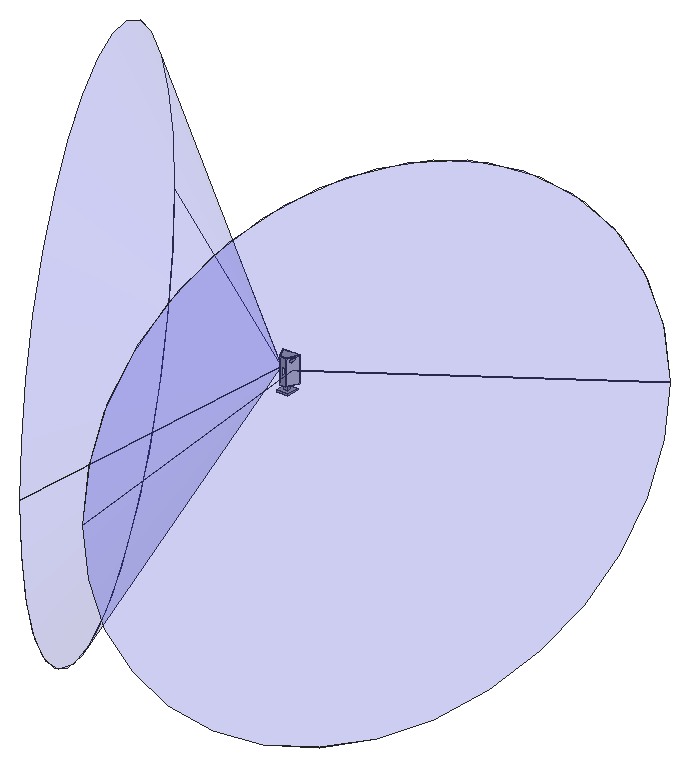
Revit family "Atlas_Sound_IPDSC-DSE", category Communication Devices, Revit 2026
Family settings
  Round Connector Dimension = Use Diameter
  Part Type = Normal
  Work Plane-Based = Yes
  Always vertical = No
  Cut with Voids When Loaded = No
  Maintain Annotation Orientation = No
  Shared = No
  Room Calculation Point = No
Parameters (values of type "IP Dual Sided LED Display with Loudspeakers")
  Width = 9.91"
  Weight Product = 11
  Warranty = "1 Year"
  Wall Bracket [instance] = not(Ceiling Bracket)  # yes
  Voltage AC = "PoE or PoE+ and External 24VDC"
  Viewable Dimensions (HxW) = 10.125
  Vertical Symmetry = yes
  URL = "www.atlassound.com"
  Transformer Option = yes
  Specification by User (default) = "TBD"
  Speaker Type = "S1"
  Speaker Listening Height [instance] = 30.00"
  Speaker Height [instance] = 120.00"
  Speaker Dispersion = 120.00°
  Speaker Cone Visible [instance] = yes
  ScheduleType |RF| = "AtlasIED Master"
  Safety Agency Ratings = "ETL Listed to Comply with UL-60950-1, and CAN/CSA-C22.2 No. 60950-1"
  SPL Max = 93
  Recommended Signal Processing = "Built-In Processing"
  Product Page URL = "https://www.atlasied.com/Product/ProductDetails?productId=3388"
  Product Documentation Link = "https://www.atlasied.com/f/3780/ipdsc-dseplus-data-sheet.pdf"
  Power Rating (RMS) = "15 Watts Max (802.3AT)"
  Pole Length [instance] = 4.21"  # constant formula
  Operation Mode = "Self Powered"
  OmniClass Title = "Audio Visual Intercoms"
  OmniClass Number = "23-37 27 15 13"
  Mounting/Rigging Provisions = "Mounting Plate provided with Various Hole Patterns"
  Mount Material = Default
  Model = "IPDSC-DSE+"
  Max Character Height = 2.125
  MaterFormat Title = "Public Information Systems"
  MasterFormat = "27 42 19"
  Market = "Commercial, Higher Education, Emergency"
  Manufacturer URL = "https://www.atlasied.com"
  Manufacturer Phone = "(800) 876 - 3333"
  Manufacturer Email = "support@atlasied.com"
  Manufacturer Address = "4545 E. Baseline Rd., Phoenix, AZ 85042"
  Manufacturer = "ATLAS SOUND"
  Loudspeaker Level = "8Ω, 9W (802.3AF), 15W (802.3AT)"
  Input Connectors = "One Unbalanced Analog, Secured Screw Terminal Block, G.711, G.722 Capable"
  Ingress Protection = "IP-XX (Not provided)"
  Impedance = 8
  IQ Category = "Audio Visual Intercoms"
  Height = 4.21"
  Grill Material = none
  Family Version [instance] = "2017-01"
  Family Code (default) = "LOUD SPEAKERS"
  Enclosure Material = none
  Description = "POE+ IP COMPLIANT IP DUAL SIDED LED DISPLAY WITH FLASHER: INDOOR DUAL SIDED DISPLAY WITH LED FLASHER"
  Depth = 7.00"
  Default Elevation = 48.00"
  Coverage Vertical = 110.00°
  Coverage Horizontal = 110.00°
  Cost MSRP = 1177.99
  Cost = 1177.99
  Communication Ports = "RJ-45 Female"
  Color = none
  Ceiling Bracket [instance] = no
  Body Material = Default
  Baffle Material = none
  70V Taps = "32.00 W"
  100V Taps = "32.00 W"
Reference planes (in)
  plane 1 "Center (Front/Back)": y = 0
  plane 2: z = 0
  plane 3 "Center (Left/Right)": x = 0
  plane 4: z = 4.21
  plane 5: x = -4.955
  plane 6: x = 4.955
  plane 7: x = 3.455
  plane 8: x = -3.455
  plane 9: y = -7.865
  plane 10: y = -15.73
Lines and regions (in)
  Masking region 1
    outline origin (-1.82508, -15.71144, 48) x (-1, 0, 0) y (0, 0, 1)
      loop
        line (-2.82508, -43.79) -> (-2.82508, -47.07) -> (-0.82508, -47.07) -> (-0.82508, -43.79) -> (-2.82508, -43.79)
  Masking region 2
    outline origin (-1.82508, -15.71144, 48) x (-1, 0, 0) y (0, 0, 1)
      loop
        line (-5.28008, -47.07) -> (-5.28008, -48) -> (1.62992, -48) -> (1.62992, -47.07) -> (-5.28008, -47.07)
Dimensions and locks (in)
  "Width": plane 5 to plane 6
  plane 8 to plane 7 = 6.91"
  equal spacing: plane 10, plane 9, plane 1 "Center (Front/Back)"
  "Pole Length": plane 4 to level
  aligned and locked: plane 2 to level
  aligned and locked: nested 3 to plane 4
  aligned and locked: nested 2 to plane 4
  aligned and locked: nested 1 to level
  aligned and locked: Masking region 1 sketch curve to plane 4
Automatic sketch dimensions
  plane 3 "Center (Left/Right)" to Masking region 1 sketch curve = 1.00"
  Masking region 1 sketch curve to plane 3 "Center (Left/Right)" = 1.00"
  level to Masking region 1 sketch curve = 0.93"
  Masking region 2 sketch curve to level = 0.00"
  Masking region 2 sketch curve to plane 7 = 0.00"
  Masking region 2 sketch curve to plane 8 = 0.00"
  Masking region 2 sketch curve to Masking region 2 sketch curve = 0.93"
Nested families (in)
  nested 1: "POLE1" at (0, -7.865, 4.21) x (-1, 0, 0) z (0, 0, -1), Ceiling Length <- "Pole Length", type "IP Dual Sided LED Display with Flasher 2"
    with Ceiling Length 4.21"
  nested 2: "POLE BODY" at (0, -15.73, 10.62) x (1, 0, 0) z (0, 0, -1), Speaker Listening Height <- "Speaker Listening Height", Speaker Height <- "Speaker Height", Speaker Dispersion <- "Speaker Dispersion", Speaker Cone Visible <- "Speaker Cone Visible", visible <- "Ceiling Bracket", type "POLE BODY"
    with Weight Dimensional/Shipping 0, Speaker Listening Height 30.00", Speaker Height 120.00", Speaker Dispersion 120.00°, Speaker Cone Visible yes, Speaker Cone Height -90.00", Radius of Speaker Cone 155.88457", Flasher Type "TBD", Flasher Lumens "TBD", Family Version "1.0"
  nested 3: "POLE BODY" at (0, -11.07, 4.21) x (1, 0, 0) z (0, 1, 0), Speaker Cone Visible <- "Speaker Cone Visible", visible <- "Wall Bracket", Speaker Listening Height <- "Speaker Listening Height", Speaker Height <- "Speaker Height", Speaker Dispersion <- "Speaker Dispersion", type "POLE BODY"
    with Weight Dimensional/Shipping 0, Speaker Listening Height 30.00", Speaker Height 120.00", Speaker Dispersion 120.00°, Speaker Cone Visible yes, Speaker Cone Height -90.00", Radius of Speaker Cone 155.88457", Flasher Type "TBD", Flasher Lumens "TBD", Family Version "1.0"
  nested 4: "Speaker Annotation" at (-0.07225, -7.98309, 0), Speaker Type <- "Speaker Type", type "Data Annotation"
    with Speaker Type "S1"
Definition of nested family "POLE1"
  Parameters
    Model = "IPDC-DSE+"
    Manufacturer = "ATLAS SOUND"
    Description = "POE+ IP COMPLIANT IP DUAL SIDED LED DISPLAY WITH FLASHER: INDOOR DUAL SIDED DISPLAY WITH LED FLASHER"
    Default Elevation = 48.00"
    Cost = 1015.99
    Ceiling Length [instance] = 4.21"
  Reference planes (in)
    plane 1 "Center (Front/Back)": y = 0
    plane 2: z = 0
    plane 3 "Center (Left/Right)": x = 0
    plane 4: z = 4.21
    plane 5: y = 3.5
    plane 6: y = -3.5
    plane 7: x = 3.455
    plane 8: x = -3.455
    plane 9: y = -1
    plane 10: y = 1
    plane 11: z = 3.28
  Forms (in)
    Extrusion 1, solid
      sketch origin (-0.67926, -2.84135, 4.21) x (0, -1, 0) y (1, 0, 0)
        loop
          line (-6.34135, -2.77574) -> (0.65865, -2.77574) -> (0.65865, 4.13426) -> (-6.34135, 4.13426) -> (-6.34135, -2.77574)
      from 0 to -0.93
    Extrusion 2, solid
      sketch origin (0, 0, 4.21) x (0, -1, 0) y (1, 0, 0)
        loop
          line (-1, 1) -> (-1, -1) -> (1, -1) -> (1, 1) -> (-1, 1)
      from -0.93 to -4.21
  Dimensions and locks (in)
    plane 8 to plane 7 = 6.91"
    plane 6 to plane 5 = 7.00"
    "Ceiling Length": plane 4 to level
    locked: plane 4 to plane 11 at 0.93
    aligned and locked: plane 2 to level
    aligned and locked: plane 11 to Extrusion 2
  Automatic sketch dimensions
    plane 5 to Extrusion 1 sketch curve = 0.00"
    plane 6 to Extrusion 1 sketch curve = 0.00"
    Extrusion 1 sketch curve to plane 8 = 0.00"
    Extrusion 1 sketch curve to plane 7 = 0.00"
    plane 10 to Extrusion 2 sketch curve = 0.00"
    plane 9 to Extrusion 2 sketch curve = 0.00"
    Extrusion 2 sketch curve to plane 3 "Center (Left/Right)" = 1.00"
    plane 3 "Center (Left/Right)" to Extrusion 2 sketch curve = 1.00"
Definition of nested family "POLE BODY"
  Parameters
    Width = 9.91"
    Weight Product = 11
    Weight Dimensional/Shipping [instance] = 0
    Weight Dimensional = 0
    Warranty = "1 Year Warranty"
    Voltage AC = "PoE or PoE+ and External 24VDC"
    Viewable Dimensions (HxW) = 10.125
    Vertical Symmetry = yes
    Transformer Option = yes
    Sustainability Rating = "TBD"
    Specification by User (default) = "TBD"
    Specification by Manufacturer = "TBD"
    Speaker Type = ""
    Speaker Listening Height [instance] = 30.00"
    Speaker Height [instance] = 120.00"
    Speaker Dispersion [instance] = 120.00°
    Speaker Data Link = "TBD"
    Speaker Cone Visible [instance] = no
    Speaker Cone Height [instance] = -(Speaker Height - Speaker Listening Height)  # -90.00"
    Shipping Dimensions = "10.6\" (269mm) x 25.4\" (645mm) x 12.8\" (325mm)"
    Serial Number = "TBD"
    Seismic Rating = "TBD"
    ScheduleType |RF| = "AtlasIED Master"
    Safety Features = "TBD"
    Safety Agency Ratings = "ETL Listed to Comply with UL-60950-1, and CAN/CSA-C22.2 No. 60950-1"
    SPL Max = 93
    Regulatory Compliance = "TBD"
    Recommended Signal Processing = "Built-In Processing"
    Radius of Speaker Cone [instance] = (-Speaker Cone Height) * tan(Speaker Dispersion / 2)  # 155.88457"
    Product Page URL = "https://www.atlasied.com/Product/ProductDetails?productId=3509"
    Product Documentation Link = "https://www.atlasied.com/f/3779/ipdc-dseplus-data-sheet.pdf"
    Power Rating (RMS) = "15 Watts Max (802.3AT)"
    Part Number = "IPDC-DSE+"
    Outdoor/Weather Rating = "TBD"
    Operation Mode = "Self Powered"
    OmniClass Title = "Audio Visual Intercoms"
    OmniClass Number = "23-37 27 15 13"
    Number of Bands = 0
    Mounting/Rigging Provisions = "Mounting Plate provided with Various Hole Patterns"
    Mount Material = none
    Model = "IPDC-DSE+"
    Max Input Ratings (8Ω) = "TBD"
    Max Character Height = 2.125
    MaterFormat Title = "Public Information Systems"
    MasterFormat = "27 42 19"
    Market = "Commercial, Higher Education, Emergency"
    Manufacturer URL = "WWW.ATLASIED.COM"
    Manufacturer Phone = "(800) 876 - 3333"
    Manufacturer Email = "support@atlasied.com"
    Manufacturer Address = "4545 E. Baseline Rd., Phoenix, AZ 85042"
    Manufacturer = "ATLAS SOUND"
    Loudspeaker Level = "8Ω, 9W (802.3AF), 15W (802.3AT)"
    Input Connectors = "One Unbalanced Analog, Secured Screw Terminal Block, G.711, G.722 Capable"
    Ingress Protection = "IP-XX (Not provided)"
    Impedance = 8
    IQ Category = "Audio Visual Intercoms"
    Horizontal Symmetry = yes
    Height = 19.94"
    Grill Material = none
    Flasher Type [instance] = "TBD"
    Flasher Lumens Rating = "TBD"
    Flasher Lumens [instance] = "TBD"
    Family Version [instance] = "1.0"
    Family Code (default) = "ITS Inc."
    Environmental Testing = "TBD"
    Enclosure Material = none
    Dispersion Angle = 0.00°
    Description = "POE+ IP COMPLIANT IP DUAL SIDED LED DISPLAY WITH FLASHER: INDOOR DUAL SIDED DISPLAY WITH LED FLASHER"
    Depth = 7.00"
    Default Elevation = 48.00"
    Current Draw = 0
    Coverage Vertical = 110.00°
    Coverage Horizontal = 110.00°
    Coverage = "TBD"
    Cost MSRP = 1015.99
    Cost = 1015.99
    Controls = "TBD"
    Communication Ports = "RJ-45 Female"
    Communication Formats = "TBD"
    Color = none
    Body Material = none
    Baffle Material = none
    Azimuth = 0.00°
    70V Taps = "32.00 W"
    25V Taps = "0.00 W"
    100V Taps = "32.00 W"
  Reference planes (in)
    plane 1 "Center (Front/Back)": y = 0
    plane 2: z = 0
    plane 3 "Center (Left/Right)": x = 0
    plane 4: z = 19.94
    plane 5: x = -4.955
    plane 6: x = 4.955
    plane 7: x = 3.455
    plane 8: x = -3.455
    plane 9: z = 4.21
    plane 10: y = -15.73
    plane 11: z = 6.41
    plane 12: y = -7.80664
  Forms (in)
    Extrusion 1, solid, material <- "Body Material"
      sketch origin (0, 0, 3.27) x (1, 0, 0) y (0, 0, 1)
        loop
          line (4.955, 3.14) -> (-4.955, 3.14) -> (-1.96597, -3.27) -> (1.96597, -3.27) -> (4.955, 3.14)
      from 0 to 15.5
    Extrusion 2, solid, material <- "Body Material"
      sketch origin (0, -15.5, 3.27) x (1, 0, 0) y (0, 0, 1)
        loop
          line (1.96597, -3.27) -> (4.955, 3.14) -> (2.03062, 3.14) -> (2.03062, 3.00702) -> (-2.03062, 3.00702) -> (-2.03062, 3.14) -> (-4.955, 3.14) -> (-1.96597, -3.27) -> (1.96597, -3.27)
      from 0 to 0.23
    Extrusion 3, solid
      sketch origin (4.955, 0, 6.41) x (-0.422618, 0, -0.906308) y (0, 1, 0)
        loop
          line (0.5, -0.85) -> (0.5, -14.65)
          arc (0.5, -14.65) -> (0.64645, -15.00355) -> (1, -15.15) r 0.5
          line (1, -15.15) -> (6.22265, -15.15)
          arc (6.22265, -15.15) -> (6.57621, -15.00355) -> (6.72265, -14.65) r 0.5
          line (6.72265, -14.65) -> (6.72265, -0.85)
          arc (6.72265, -0.85) -> (6.57621, -0.49645) -> (6.22265, -0.35) r 0.5
          line (6.22265, -0.35) -> (1, -0.35)
          arc (1, -0.35) -> (0.64645, -0.49645) -> (0.5, -0.85) r 0.5
        loop
          arc (5.00855, -14.52458) -> (5.84518, -13.68795) -> (5.00855, -12.85133) r 0.83663
          line (5.00855, -12.85133) -> (2.58093, -12.85133)
          arc (2.58093, -12.85133) -> (1.7443, -13.68795) -> (2.58093, -14.52458) r 0.83663
          line (2.58093, -14.52458) -> (5.00855, -14.52458)
      from 0 to 0.06
    Extrusion 4, solid
      sketch origin (-4.955, 0, 6.41) x (0.422618, 0, -0.906308) y (0, -1, 0)
        loop
          arc (0.5, 0.85) -> (0.64645, 0.49645) -> (1, 0.35) r 0.5
          line (1, 0.35) -> (6.22265, 0.35)
          arc (6.22265, 0.35) -> (6.57621, 0.49645) -> (6.72265, 0.85) r 0.5
          line (6.72265, 0.85) -> (6.72265, 14.65)
          arc (6.72265, 14.65) -> (6.57621, 15.00355) -> (6.22265, 15.15) r 0.5
          line (6.22265, 15.15) -> (1, 15.15)
          arc (1, 15.15) -> (0.64645, 15.00355) -> (0.5, 14.65) r 0.5
          line (0.5, 14.65) -> (0.5, 0.85)
        loop
          line (5.00855, 14.52458) -> (2.58093, 14.52458)
          arc (2.58093, 14.52458) -> (1.7443, 13.68795) -> (2.58093, 12.85133) r 0.83663
          line (2.58093, 12.85133) -> (5.00855, 12.85133)
          arc (5.00855, 12.85133) -> (5.84518, 13.68795) -> (5.00855, 14.52458) r 0.83663
      from 0 to 0.06
    Extrusion 5, solid
      sketch origin (0, 4.21, 3.27) x (1, 0, 0) y (0, 0, 1)
        loop
          arc (-0.23, -3.27) -> (0, -3.5) -> (0.23, -3.27) r 0.23
          line (0.23, -3.27) -> (-0.23, -3.27)
      from 10.48114 to 13.9867
    Extrusion 6, solid, material <- "Body Material"
      sketch origin (5.705, 0, 6.41) x (-1, 0, 0) y (0, -1, 0)
        loop
          circle (5.705, 7.80664) r 1
      from 0 to 0.06
    Blend 7, solid, visible <- "Speaker Cone Visible"
      base sketch origin (-3.42879, -7.90185, 3.13703) x (0.422618, 0, -0.906308) y (0, 1, 0)
        loop
          circle (0, 0.09521) r 155.88457
      top sketch origin (-3.42879, -7.90185, 3.13703) x (0.422618, 0, -0.906308) y (0, 1, 0)
        loop
          circle (0, 0.09521) r 0.13513
      from -90 <- "Speaker Cone Height" to 0
    Blend 8, solid, visible <- "Speaker Cone Visible"
      base sketch origin (3.42879, -7.90185, 3.13703) x (-0.422618, 0, -0.906308) y (0, -1, 0)
        loop
          circle (0, -0.09521) r 155.88457
      top sketch origin (3.42879, -7.90185, 3.13703) x (-0.422618, 0, -0.906308) y (0, -1, 0)
        loop
          circle (0, -0.09521) r 0.13513
      from -90 <- "Speaker Cone Height" to 0
  Lines and regions (in)
    Split face 1
      outline origin (5.00938, 0, 6.38464) x (-0.422618, 0, -0.906308) y (0, 1, 0)
        loop
          line (5.10629, -12.01962) -> (5.10629, -1.51962) -> (2.35629, -1.51962) -> (2.35629, -12.01962) -> (5.10629, -12.01962)
    Split face 2
      outline origin (5.00938, 0, 6.38464) x (-0.422618, 0, -0.906308) y (0, 1, 0)
        loop
          line (4.85629, -11.76962) -> (4.85629, -1.76962) -> (2.60629, -1.76962) -> (2.60629, -11.76962) -> (4.85629, -11.76962)
    Split face 3
      outline origin (-5.00938, 0, 6.38464) x (0.422618, 0, -0.906308) y (0, -1, 0)
        loop
          line (5.10629, 12.01962) -> (2.35629, 12.01962) -> (2.35629, 1.51962) -> (5.10629, 1.51962) -> (5.10629, 12.01962)
    Split face 4
      outline origin (-5.00938, 0, 6.38464) x (0.422618, 0, -0.906308) y (0, -1, 0)
        loop
          line (4.85629, 11.76962) -> (2.60629, 11.76962) -> (2.60629, 1.76962) -> (4.85629, 1.76962) -> (4.85629, 11.76962)
    symbolic lines
      curve 1: line (-4.955, 0, 0) -> (4.955, 0, 0)
      curve 2: line (-4.955, -15.73, 0) -> (-4.955, 0, 0)
      curve 3: line (4.955, -15.73, 0) -> (-4.955, -15.73, 0)
      curve 4: line (4.955, 0, 0) -> (4.955, -15.73, 0)
      curve 5: spline (-150.87616, -7.80664, 0) -> (-149.36908, 25.34556, 0) -> (-144.91679, 56.98096, 0) -> (-137.72301, 85.65217, 0) -> (-128.11686, 110.04741, 0) -> (-116.53784, 129.05053, 0) -> (-103.51573, 141.79211, 0) -> (-89.64632, 147.68917, 0) -> (-75.56416, 146.47191, 0) -> (-61.91356, 138.19603, 0) -> (-49.31906, 123.24017, 0) -> (-38.35689, 102.2886, 0) -> (-29.5286, 76.29989, 0)
      curve 6: spline (-29.96946, -93.51923, 0) -> (-38.88383, -119.1377, 0) -> (-49.88793, -139.71085, 0) -> (-62.48308, -154.30637, 0) -> (-76.09849, -162.26282, 0) -> (-90.11715, -163.21961, 0) -> (-103.90374, -157.13339, 0) -> (-116.8335, -144.27998, 0) -> (-128.32046, -125.24187, 0) -> (-137.84407, -100.88182, 0) -> (-144.97273, -72.30379, 0) -> (-149.38339, -40.80288, 0) -> (-150.87616, -7.80664, 0)
      curve 7: line (-4.955, -2.75, 0) -> (-29.80659, 78.5359, 0)
      curve 8: line (-4.955, -12.86328, 0) -> (-29.80659, -94.14919, 0)
      curve 9: spline (150.87616, -7.80664, 0) -> (149.36908, 25.34556, 0) -> (144.91679, 56.98096, 0) -> (137.72301, 85.65217, 0) -> (128.11686, 110.04741, 0) -> (116.53784, 129.05053, 0) -> (103.51573, 141.79211, 0) -> (89.64632, 147.68917, 0) -> (75.56416, 146.47191, 0) -> (61.91356, 138.19603, 0) -> (49.31906, 123.24017, 0) -> (38.35689, 102.2886, 0) -> (29.5286, 76.29989, 0)
      curve 10: spline (29.96946, -93.51923, 0) -> (38.88383, -119.1377, 0) -> (49.88793, -139.71085, 0) -> (62.48308, -154.30637, 0) -> (76.09849, -162.26282, 0) -> (90.11715, -163.21961, 0) -> (103.90374, -157.13339, 0) -> (116.8335, -144.27998, 0) -> (128.32046, -125.24187, 0) -> (137.84407, -100.88182, 0) -> (144.97273, -72.30379, 0) -> (149.38339, -40.80288, 0) -> (150.87616, -7.80664, 0)
  Dimensions and locks (in)
    "Height": plane 4 to plane 2
    "Width": plane 5 to plane 6
    plane 8 to plane 7 = 6.91"
    locked: plane 11 to plane 2 at 6.41
    locked: plane 10 to plane 1 "Center (Front/Back)" at 15.73
    "Radius of Speaker Cone": radius of Blend 7 sketch curve
    "Radius of Speaker Cone": radius of Blend 8 sketch curve
    aligned and locked: plane 2 to level
  Automatic sketch dimensions
    curve 5 to plane 12 = 0.00"
    curve 3 to plane 5 = 0.00"
    plane 1 "Center (Front/Back)" to curve 4 = 0.00"
    curve 4 to plane 6 = 0.00"
    plane 12 to curve 9 = 0.00"
    plane 10 to curve 2 = 0.00"
    curve 5 to plane 5 = 24.5736"
    curve 7 to curve 5 = 0.27799"
    curve 8 to plane 5 = 24.85159"
    curve 6 to curve 8 = 0.16287"
    curve 5 to curve 7 = 80.04149"
    curve 6 to plane 5 = 80.04149"
    curve 6 to curve 6 = 65.87967"
    plane 6 to curve 9 = 24.5736"
    plane 6 to curve 10 = 25.01446"
    curve 1 to curve 9 = 80.04149"
    curve 10 to curve 9 = 0.00"
    curve 10 to curve 9 = 65.87967"
    curve 6 to curve 2 = 77.78923"
    curve 6 to curve 10 = 0.00"
    curve 8 to curve 6 = 0.62995"
    curve 5 to curve 8 = 69.54203"
    curve 9 to curve 10 = 70.17198"
    curve 8 to plane 10 = 2.86672"
    plane 1 "Center (Front/Back)" to curve 7 = 2.75"
    curve 5 to curve 7 = 2.23601"
    Extrusion 1 sketch curve to plane 5 = 0.00"
    Extrusion 1 sketch curve to level = 0.00"
    Extrusion 1 sketch curve to plane 6 = 0.00"
    Extrusion 1 sketch curve to plane 11 = 0.00"
    plane 8 to Extrusion 1 sketch curve = 1.48903"
    Extrusion 1 sketch curve to plane 7 = 1.48903"
    Extrusion 2 sketch curve to Extrusion 1 = 0.00"  (x6)
    Extrusion 1 to Extrusion 2 sketch curve = 0.00"
    Extrusion 2 sketch curve to Extrusion 2 sketch curve = 2.92438"  (x2)
    Extrusion 2 sketch curve to Extrusion 1 = 0.13298"
    Extrusion 3 sketch curve to Extrusion 1 = 0.50"
    Extrusion 1 to Extrusion 3 sketch curve = 0.35"  (x2)
    Extrusion 3 sketch curve to Extrusion 3 sketch curve = 0.50"  (x2)
    Extrusion 3 sketch curve to Extrusion 3 sketch curve = 1.58093"
    Extrusion 1 to Extrusion 3 sketch curve = 0.97542"
    Extrusion 1 to Extrusion 3 sketch curve = 2.0641"
    Extrusion 1 to Extrusion 3 sketch curve = 0.85"  (x3)
    Extrusion 3 sketch curve to Extrusion 3 sketch curve = 0.83663"
    Split face 1 sketch curve to Extrusion 3 = 0.83171"
    Split face 1 sketch curve to Extrusion 3 = 1.85629"
    Split face 1 sketch curve to Extrusion 3 = 1.61636"
    Split face 1 sketch curve to Extrusion 3 = 1.16962"
    Split face 2 sketch curve to Extrusion 3 = 2.10629"
    Split face 2 sketch curve to Extrusion 3 = 1.86636"
    Split face 2 sketch curve to Extrusion 3 = 1.08171"
    Split face 2 sketch curve to Extrusion 3 = 1.41962"
    plane 1 "Center (Front/Back)" to Extrusion 4 sketch curve = 0.85"  (x2)
    plane 1 "Center (Front/Back)" to Extrusion 4 sketch curve = 0.35"
    Extrusion 4 sketch curve to Extrusion 4 sketch curve = 0.50"
    Extrusion 4 sketch curve to Extrusion 4 sketch curve = 1.58093"
    Extrusion 4 sketch curve to plane 10 = 1.20542"
    Extrusion 4 sketch curve to Extrusion 4 sketch curve = 2.42763"
    Extrusion 4 sketch curve to Extrusion 4 sketch curve = 1.2141"
    Extrusion 4 sketch curve to Extrusion 4 sketch curve = 5.22265"
    Extrusion 4 sketch curve to Extrusion 4 sketch curve = 1.67325"
    Extrusion 4 sketch curve to plane 10 = 1.08"
    Split face 3 sketch curve to Extrusion 4 = 0.83171"
    Split face 3 sketch curve to Extrusion 4 = 1.85629"
    Split face 3 sketch curve to Extrusion 4 = 1.61636"
    Split face 3 sketch curve to Extrusion 4 = 1.16962"
    Split face 4 sketch curve to Extrusion 4 = 2.10629"
    Split face 4 sketch curve to Extrusion 4 = 1.86636"
    Split face 4 sketch curve to Extrusion 4 = 1.41962"
    Split face 4 sketch curve to Extrusion 4 = 1.08171"
    Extrusion 5 sketch curve to level = 0.00"
    Extrusion 5 sketch curve to plane 3 "Center (Left/Right)" = 0.00"
    Extrusion 5 sketch curve to plane 3 "Center (Left/Right)" = 0.23"
    Extrusion 1 to Extrusion 6 sketch curve = 4.955"
    Extrusion 1 to Extrusion 6 sketch curve = 7.69336"
    plane 12 to Blend 7 sketch curve = 0.00"  (x2)
    plane 12 to Blend 8 sketch curve = 0.00"  (x2)
    radius of Extrusion 6 sketch curve = 1.00"
    radius of Blend 7 sketch curve = 0.13513"
    radius of Blend 8 sketch curve = 0.13513"
Definition of nested family "Speaker Annotation"
  Parameters
    Speaker Type [instance] = ""
  Reference planes (in)
    plane 1: y = 0
    plane 2: x = 0
  Lines and regions (in)
    detail lines
      curve 1: circle (-0.00295, 0.00032, 0) r 0.09489 normal (0, 0, 1)
  Text (in)
    label "S1" at (0.00193, -0.00496, 0), shows "Speaker Type"
